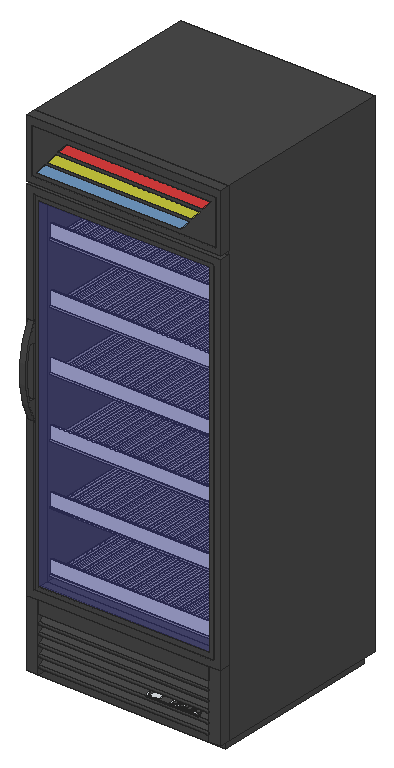
Revit family "QF_TRUE_GDM-26F-HST-HC~TSL01", category Specialty Equipment, Revit 2016
Family settings
  Part Type = Normal
  Round Connector Dimension = Use Diameter
  Work Plane-Based = No
  Always vertical = Yes
  Cut with Voids When Loaded = No
  Shared = No
  Room Calculation Point = No
Parameters
  Weight in Pounds = 390
  Watts = if(Phase = 3, Volts * FL Amps * 1.73, Volts * FL Amps)  # 1092.5 W
  Volts = 115 V
  URL Cutsheet = ""
  Specification by User = ""
  Specification by Manufacturer = ""
  Show Logo [instance] = yes
  Show Default Legs [instance] = if(or(Show 6 Inches Standard Legs, Show 2.5 Inches Castors), or(Show 4 Inches Castors, and(Show 6 Inches Standard Legs, Show 2.5 Inches Castors), and(Show 2.5 Inches Castors, Show 6 Inches Seismic Flanged Legs)), if(Show 4 Inches Castors, Show 6 Inches Seismic Flanged Legs, not(Show 6 Inches Seismic Flanged Legs)))  # yes
  Show Clearance [instance] = yes
  Show 6 Inches Standard Legs [instance] = no
  Show 6 Inches Seismic Flanged Legs [instance] = no
  Show 4 Inches Castors [instance] = no
  Show 2.5 Inches Castors [instance] = no
  Serial Number = ""
  Seismic Rating = ""
  SMACNA No = ""
  Revision Code = ""
  Phase = 1
  Number of Poles = 1
  NAFEM Spec ID Number = ""
  Model = "GDM-26F-HST-HC~TSL01"
  Min Ckt Ampacity = 0 A
  Max Overcurrent Protection = 0 A
  Materials and Finishes = QF_Plastic - Black - Smooth
  Masterspec = ""
  Manufacturer = "TRUE"
  Length = 30"
  Item Number = ""
  Installed By = ""
  Identify Quantity as Lot = yes
  Height [instance] = Body Height + Base Height  # 78 5/8"
  HP = "1"
  Furnished By = ""
  Foodservice Equipment Identifier = yes
  FL Amps = 9.5 A
  Electrical Remarks = ""
  Electric Connection Type = ""
  Elec Conn RI Height = 0"
  Elec Conn Connection Height = 0"
  Description = "SWING DOOR FREEZER WITH HEALTH SAFETY TIMER & HYDROCARBON REFRIGERANT~TRUE STANDARD LOOK VERSION 01"
  Depth = 29 7/8"
  Cycle = 60 Hz
  Conn Plug = "NEMA 5-15P"
  Conn Conduit = yes
  CSI MasterFormat = ""
  Body Height [instance] = 78 5/16"  # constant formula
  Base Height [instance] = if(Show Default Legs, 5/16", if(Show 2.5 Inches Castors, 2 1/2", if(Show 6 Inches Standard Legs, 6", if(Show 4 Inches Castors, 4", if(Show 6 Inches Seismic Flanged Legs, 6", 5" / 16)))))  # 5/16"
  Apparent Power = if(Phase = 3, Volts * FL Amps * 1.73, Volts * FL Amps)  # 1092.5 VA
  6 Inches Standard Legs [instance] = and(Show 6 Inches Standard Legs, not(Show Default Legs))  # no
  6 Inches Seismic Flanged Legs [instance] = and(Show 6 Inches Seismic Flanged Legs, not(Show Default Legs))  # no
  4 Inches Castors [instance] = and(Show 4 Inches Castors, not(Show Default Legs))  # no
  2.5 Inches Casters [instance] = and(Show 2.5 Inches Castors, not(Show Default Legs))  # no
Reference planes (in)
  plane 1 "BACK": y = 0
  plane 2: z = 0
  plane 3 "LEFT": x = 0
  plane 4 "RIGHT": x = 30
  plane 5 "FRONT": y = -29.875
  plane 6 "TOP": z = 0.3125
  plane 7 "Center Y": x = 15
  plane 8 "Center X": y = -14.9375
  plane 9: z = 78.625
Dimensions and locks (in)
  equal spacing: plane 3 "LEFT", plane 7 "Center Y", plane 4 "RIGHT"
  "Length": plane 3 "LEFT" to plane 4 "RIGHT"
  equal spacing: plane 5 "FRONT", plane 8 "Center X", plane 1 "BACK"
  "Depth": plane 5 "FRONT" to plane 1 "BACK"
  "Base Height": plane 6 "TOP" to level
  "Body Height": plane 9 to plane 6 "TOP"
  aligned and locked: plane 2 to level
  aligned and locked: plane 6 "TOP" to nested 1
Nested families (in)
  nested 1: "GDM-26F-HST-HC~TSL01" at (0, 0, 0), Show Clearance <- "Show Clearance", Show Logo <- "Show Logo", Show Default Legs <- "Show Default Legs", type "GDM-26F-HST-HC~TSL01"
    with Show Clearance yes
  nested 2: "CASTER-LEGS" at (2.32663, -26.34375, 0), Show Siesmic Flanged <- "Show 6 Inches Seismic Flanged Legs", Show 6 Inches Legs <- "Show 6 Inches Standard Legs", Show 4" Casters <- "Show 4 Inches Castors", Show 2.5 Casters <- "Show 2.5 Inches Castors", type "CASTER-LEGS"
    with Type Mark "", Status "", Specification by User "", Show Siesmic Flanged no, Show 6 Inches Legs no, Show 4" Casters no, Show 2.5 Casters no, Revision Code "", Low Profile yes, Item Number "", Installed By "", Identify Quantity as Lot yes, Furnished By "", Foodservice Equipment Identifier yes
  nested 3: "CASTER-LEGS" at (27.67337, -26.34375, 0), Show Siesmic Flanged <- "Show 6 Inches Seismic Flanged Legs", Show 6 Inches Legs <- "Show 6 Inches Standard Legs", Show 4" Casters <- "Show 4 Inches Castors", Show 2.5 Casters <- "Show 2.5 Inches Castors", type "CASTER-LEGS"
    with Type Mark "", Status "", Specification by User "", Show Siesmic Flanged no, Show 6 Inches Legs no, Show 4" Casters no, Show 2.5 Casters no, Revision Code "", Low Profile yes, Item Number "", Installed By "", Identify Quantity as Lot yes, Furnished By "", Foodservice Equipment Identifier yes
  nested 4: "CASTER-LEGS" at (2.32663, -3.28125, 0), Show Siesmic Flanged <- "Show 6 Inches Seismic Flanged Legs", Show 6 Inches Legs <- "Show 6 Inches Standard Legs", Show 4" Casters <- "Show 4 Inches Castors", Show 2.5 Casters <- "Show 2.5 Inches Castors", type "CASTER-LEGS"
    with Type Mark "", Status "", Specification by User "", Show Siesmic Flanged no, Show 6 Inches Legs no, Show 4" Casters no, Show 2.5 Casters no, Revision Code "", Low Profile yes, Item Number "", Installed By "", Identify Quantity as Lot yes, Furnished By "", Foodservice Equipment Identifier yes
  nested 5: "CASTER-LEGS" at (27.67337, -3.28125, 0), Show Siesmic Flanged <- "Show 6 Inches Seismic Flanged Legs", Show 6 Inches Legs <- "Show 6 Inches Standard Legs", Show 4" Casters <- "Show 4 Inches Castors", Show 2.5 Casters <- "Show 2.5 Inches Castors", type "CASTER-LEGS"
    with Type Mark "", Status "", Specification by User "", Show Siesmic Flanged no, Show 6 Inches Legs no, Show 4" Casters no, Show 2.5 Casters no, Revision Code "", Low Profile yes, Item Number "", Installed By "", Identify Quantity as Lot yes, Furnished By "", Foodservice Equipment Identifier yes
Connectors (in)
  electrical at (23.5625, 0.32603, 5.74771), driven by "Volts", driven by "Watts"
    settings: on nested 1, index 1, voltage 115 V, apparent load 1092.5 VA, apparent load phase1 0 VA, apparent load phase2 0 VA, apparent load phase3 0 VA, power factor 1, load classification "Other", number of poles 1, system type 30, power factor state 1, is connector primary yes, connector utility no, sub classification motor no, connector description "ELECTRICAL CONNECTION"
Definition of nested family "GDM-26F-HST-HC~TSL01"
  Parameters (values of type "GDM-26F-HST-HC~TSL01")
    Weight in Pounds = 0
    Watts = if(Phase = 3, Volts * FL Amps * 1.73, Volts * FL Amps)  # 230 W
    Volts = 115 V
    URL Cutsheet = ""
    Specification by User = ""
    Specification by Manufacturer = ""
    Show Logo [instance] = yes
    Show Default Legs [instance] = yes
    Show Clearance [instance] = yes
    Serial Number = ""
    Seismic Rating = ""
    SMACNA No = ""
    Revision Code = ""
    Phase = 1
    Number of Poles = 1
    NAFEM Spec ID Number = ""
    Model = ""
    Min Ckt Ampacity = 0 A
    Max Overcurrent Protection = 0 A
    Materials and Finishes = none
    Masterspec = ""
    Manufacturer = ""
    Length = 30"
    Item Number = ""
    Installed By = ""
    Identify Quantity as Lot = yes
    Height = 78 5/8"
    HP = "1/4"
    Furnished By = ""
    Foodservice Equipment Identifier = yes
    FL Amps = 2 A
    Electrical Remarks = ""
    Electric Connection Type = ""
    Elec Conn RI Height = 0"
    Elec Conn Connection Height = 0"
    Description = ""
    Depth = 29 7/8"
    Cycle = 60 Hz
    Conn Plug = "5-15P"
    Conn Conduit = yes
    CSI MasterFormat = ""
    Apparent Power = if(Phase = 3, Volts * FL Amps * 1.73, Volts * FL Amps)  # 230 VA
  Reference planes (in)
    plane 1 "BACK": y = 0
    plane 2: z = 0
    plane 3 "LEFT": x = 0
    plane 4 "RIGHT": x = 30
    plane 5 "FRONT": y = -29.875
    plane 6 "TOP": z = 78.625
    plane 7 "Center Y": x = 15
    plane 8 "Center X": y = -14.9375
    plane 9: z = 0.3125
    plane 10: y = -31.5
    plane 11: y = -57.75
    plane 12: z = 1.6875
  Forms (in)
    Extrusion 1, solid, material <- "Materials and Finishes"
      sketch origin (0, -28.25, 0) x (1, 0, 0) y (0, 0, 1)
        loop
          line (0, 78.625) -> (0, 69.5094) -> (30, 69.5094) -> (30, 78.625) -> (0, 78.625)
        loop
          line (0.73362, 77.46399) -> (0.73362, 70.46399) -> (29.26638, 70.46399) -> (29.26638, 77.46399) -> (0.73362, 77.46399)
      from 1.625 to 0
    Extrusion 2, solid
      sketch origin (0, -28.25, 0) x (1, 0, 0) y (0, 0, 1)
        loop
          line (4.86851, 75.12294) -> (27.302, 75.12294) -> (28.56065, 76.62294) -> (6.12716, 76.62294) -> (4.86851, 75.12294)
      from 1.625 to 0
    Extrusion 3, solid, material <- "Materials and Finishes"
      sketch origin (0, -28.25, 0) x (1, 0, 0) y (0, 0, 1)
        loop
          line (0.73362, 77.46399) -> (0.73362, 70.46399) -> (29.26638, 70.46399) -> (29.26638, 77.46399) -> (0.73362, 77.46399)
        loop
          line (4.86851, 75.12294) -> (27.302, 75.12294) -> (28.56065, 76.62294) -> (6.12716, 76.62294) -> (4.86851, 75.12294)
        loop
          line (3.19031, 73.12294) -> (25.6238, 73.12294) -> (26.88245, 74.62294) -> (4.44896, 74.62294) -> (3.19031, 73.12294)
        loop
          line (1.51211, 71.12294) -> (23.9456, 71.12294) -> (25.20425, 72.62294) -> (2.77076, 72.62294) -> (1.51211, 71.12294)
      from 1.625 to 0
    Extrusion 4, solid
      sketch origin (0, -28.25, 0) x (1, 0, 0) y (0, 0, 1)
        loop
          line (3.19031, 73.12294) -> (25.6238, 73.12294) -> (26.88245, 74.62294) -> (4.44896, 74.62294) -> (3.19031, 73.12294)
      from 1.625 to 0
    Extrusion 5, solid
      sketch origin (0, -28.25, 0) x (1, 0, 0) y (0, 0, 1)
        loop
          line (1.51211, 71.12294) -> (23.9456, 71.12294) -> (25.20425, 72.62294) -> (2.77076, 72.62294) -> (1.51211, 71.12294)
      from 1.625 to 0
    Extrusion 6, solid, material <- "Materials and Finishes"
      sketch origin (0, -28.25, 0) x (1, 0, 0) y (0, 0, 1)
        loop
          line (0, 11.86572) -> (0, 1.46319) -> (1.73646, 1.46319) -> (1.73646, 11.86572) -> (0, 11.86572)
        loop
          line (30, 11.86572) -> (28.26354, 11.86572) -> (28.26354, 1.46319) -> (30, 1.46319) -> (30, 11.86572)
      from 0 to 1.625
    Extrusion 7, solid, material <- "Materials and Finishes"
      sketch origin (0, -28.25, 0) x (1, 0, 0) y (0, 0, 1)
        loop
          line (1.73646, 11.86572) -> (1.73646, 9.96741) -> (28.26354, 9.96741) -> (28.26354, 11.86572) -> (1.73646, 11.86572)
      from 0 to 1.625
    Extrusion 8, solid, material <- "Materials and Finishes"
      sketch origin (0, -28.25, 0) x (1, 0, 0) y (0, 0, 1)
        loop
          line (0, 11.86572) -> (30, 11.86572) -> (30, 69.0094) -> (0, 69.0094) -> (0, 11.86572)
        loop
          line (28.91281, 12.99299) -> (28.91281, 68.01433) -> (1.08719, 68.01433) -> (1.08719, 12.99299) -> (28.91281, 12.99299)
      from 1.625 to 0
    Extrusion 9, solid, material <- "Materials and Finishes"
      sketch origin (0, -28.25, 0) x (1, 0, 0) y (0, 0, 1)
        loop
          line (28.91281, 12.99299) -> (28.91281, 68.01433) -> (1.08719, 68.01433) -> (1.08719, 12.99299) -> (28.91281, 12.99299)
        loop
          line (1.79031, 67.3112) -> (1.79031, 13.69484) -> (28.20969, 13.69484) -> (28.20969, 67.3112) -> (1.79031, 67.3112)
      from 1.50681 to 0
    Extrusion 10, solid
      sketch origin (0, -29.75681, 0) x (1, 0, 0) y (0, 0, 1)
        loop
          line (1.79031, 67.3112) -> (1.79031, 13.69484) -> (28.20969, 13.69484) -> (28.20969, 67.3112) -> (1.79031, 67.3112)
      from -0.25 to 0
    Extrusion 11, solid, material <- "Materials and Finishes"
      sketch origin (0, 0, 0) x (-1, 0, 0) y (0, 0, 1)
        loop
          line (-28.91281, 12.99299) -> (-1.08719, 12.99299) -> (-1.08719, 69.5094) -> (-28.91281, 69.5094) -> (-28.91281, 12.99299)
      from 0 to -0.25
    Extrusion 12, solid, material <- "Materials and Finishes"
      sketch origin (1.73646, -28.25, 11.86572) x (0, 0, -1) y (0, 1, 0)
        loop
          line (2.03924, 0) -> (3.06088, -1.51465)
          arc (3.06088, -1.51465) -> (3.40794, -1.58211) -> (3.4754, -1.23505) r 0.25
          line (3.4754, -1.23505) -> (2.64235, 0) -> (2.03924, 0)
        loop
          line (3.54027, 0) -> (4.55974, -1.51143)
          arc (4.55974, -1.51143) -> (4.9068, -1.57889) -> (4.97426, -1.23183) r 0.25
          line (4.97426, -1.23183) -> (4.14338, 0) -> (3.54027, 0)
        loop
          line (5.05723, 0) -> (6.07809, -1.51349)
          arc (6.07809, -1.51349) -> (6.42515, -1.58095) -> (6.49261, -1.23389) r 0.25
          line (6.49261, -1.23389) -> (5.66034, 0) -> (5.05723, 0)
        loop
          line (6.57419, 0) -> (7.59523, -1.51376)
          arc (7.59523, -1.51376) -> (7.94229, -1.58122) -> (8.00975, -1.23416) r 0.25
          line (8.00975, -1.23416) -> (7.1773, 0) -> (6.57419, 0)
        loop
          line (8.09115, 0) -> (9.11355, -1.51577)
          arc (9.11355, -1.51577) -> (9.46061, -1.58323) -> (9.52807, -1.23617) r 0.25
          line (9.52807, -1.23617) -> (8.69426, 0) -> (8.09115, 0)
      from 0 to 26.52708
    Extrusion 13, solid, material <- "Materials and Finishes"
      sketch origin (0, 1.625, 0) x (1, 0, 0) y (0, 0, 1)
        loop
          line (0.39673, 0.3125) -> (29.60327, 0.3125) -> (29.60327, 1.6875) -> (0.39673, 1.6875) -> (0.39673, 0.3125)
      from 3.25 to 29.875
    Revolve 14, solid, material <- "Materials and Finishes", visible <- "Show Default Legs"
      sketch origin (0, -26.375, 0) x (1, 0, 0) y (0, 0, 1)
        loop
          line (1.38444, 0) -> (2.32663, 0) -> (2.32663, 0.3125) -> (1.38444, 0.3125) -> (1.38444, 0)
        axis (2.32663, 0) -> (2.32663, 0.3125)
      angle from 0 to 360
    Revolve 15, solid, material <- "Materials and Finishes", visible <- "Show Default Legs"
      sketch origin (0, -3.3125, 0) x (1, 0, 0) y (0, 0, -1)
        loop
          line (1.38444, 0) -> (1.38444, -0.3125) -> (2.32663, -0.3125) -> (2.32663, 0) -> (1.38444, 0)
        axis (2.32663, 0) -> (2.32663, -0.3125)
      angle from 0 to 360
    Extrusion 16, solid, material <- "Materials and Finishes"
      sketch origin (0, 0, 0) x (-1, 0, 0) y (0, 0, 1)
        loop
          circle (-23.5625, 5.74771) r 0.5
      from 0 to 0.32603
    Revolve 17, solid, material <- "Materials and Finishes", visible <- "Show Default Legs"
      sketch origin (30.12762, -26.375, 0) x (-1, 0, 0) y (0, 0, 1)
        loop
          line (1.38444, 0) -> (2.32663, 0) -> (2.32663, 0.3125) -> (1.38444, 0.3125) -> (1.38444, 0)
        axis (2.32663, 0) -> (2.32663, 0.3125)
      angle from 0 to 360
    Revolve 18, solid, material <- "Materials and Finishes", visible <- "Show Default Legs"
      sketch origin (30.12762, -3.3125, 0) x (-1, 0, 0) y (0, 0, 1)
        loop
          line (1.38444, 0) -> (2.32663, 0) -> (2.32663, 0.3125) -> (1.38444, 0.3125) -> (1.38444, 0)
        axis (2.32663, 0) -> (2.32663, 0.3125)
      angle from 0 to 360
    Extrusion 19, solid, material <- "Materials and Finishes"
      sketch origin (-21.08055, -9.07209, 2.26089) x (0, 1, 0) y (0, 0, 1)
        loop
          arc (-20.70916, 48.37123) -> (-22.42791, 41.18624) -> (-20.70916, 34.00125) r 15.87728
          line (-20.70916, 34.00125) -> (-20.70916, 37.28351) -> (-21.42204, 37.28351)
          arc (-21.42204, 37.28351) -> (-21.59429, 37.34185) -> (-21.69564, 37.49287) r 0.28347
          arc (-21.69564, 37.49287) -> (-22.19319, 41.21217) -> (-21.70658, 44.93293) r 14.30744
          arc (-21.70658, 44.93293) -> (-21.63141, 45.04547) -> (-21.50325, 45.08898) r 0.21048
          line (-21.50325, 45.08898) -> (-20.70916, 45.08898) -> (-20.70916, 48.37123)
      from 21.28857 to 22.16773
    Extrusion 20, solid, material <- "Materials and Finishes"
      sketch origin (0, 1.625, 0) x (1, 0, 0) y (0, 0, 1)
        loop
          line (0, 78.625) -> (0, 1.46319) -> (30, 1.46319) -> (30, 78.625) -> (0, 78.625)
        loop
          line (1.08719, 69.5094) -> (1.08719, 12.99299) -> (28.91281, 12.99299) -> (28.91281, 69.5094) -> (1.08719, 69.5094)
      from 1.625 to 29.875
    Extrusion 21, solid, visible <- "Show Clearance", detail levels coarse
      sketch origin (0, 0, 0) x (1, 0, 0) y (0, 1, 0)
        loop
          line (30, -29.875) -> (0, -29.875)
          arc (0, -29.875) -> (9.19119, -50.06413) -> (30, -57.75) r 28.8313
          line (30, -57.75) -> (30, -29.875)
      from 69.0094 to 11.86572
    Extrusion 22, solid
      sketch origin (-7.62016, -176.1875, 13.75) x (-1, 0, 0) y (0, -1, 0)
        loop
          line (-8.70735, -149.1875) -> (-36.53297, -149.1875) -> (-36.53297, -174.77646) -> (-8.70735, -174.77646) -> (-8.70735, -149.1875)
        loop
          line (-8.95735, -149.4375) -> (-36.28297, -149.4375) -> (-36.28297, -174.49934) -> (-8.95735, -174.49934) -> (-8.95735, -149.4375)
      from 0 to 0.25
    Extrusion 23, solid
      sketch origin (-0.69406, -7.25, -9.1153) x (0, 1, 0) y (0, 0, 1)
        loop
          line (-19.60938, 23.1153) -> (-19.35938, 23.1153) -> (-19.35938, 25.1153) -> (-19.60938, 25.1153) -> (-19.60938, 23.1153)
      from 1.78125 to 29.60687
    Extrusion 24, solid
      sketch origin (-0.66281, -4.875, -12.73438) x (1, 0, 0) y (0, 0, 1)
        loop
          circle (10.1875, 26.73438) r 0.125
        loop
          circle (9.6875, 26.73438) r 0.125
        loop
          circle (9.1875, 26.73438) r 0.125
        loop
          circle (8.6875, 26.73438) r 0.125
        loop
          circle (8.1875, 26.73438) r 0.125
        loop
          circle (7.6875, 26.73438) r 0.125
        loop
          circle (7.1875, 26.73438) r 0.125
        loop
          circle (6.6875, 26.73438) r 0.125
        loop
          circle (6.1875, 26.73438) r 0.125
        loop
          circle (5.6875, 26.73438) r 0.125
        loop
          circle (5.1875, 26.73438) r 0.125
        loop
          circle (4.6875, 26.73438) r 0.125
        loop
          circle (4.1875, 26.73438) r 0.125
        loop
          circle (3.6875, 26.73438) r 0.125
        loop
          circle (3.1875, 26.73438) r 0.125
        loop
          circle (2.6875, 26.73438) r 0.125
        loop
          circle (10.6875, 26.73438) r 0.125
        loop
          circle (11.1875, 26.73438) r 0.125
        loop
          circle (11.6875, 26.73438) r 0.125
        loop
          circle (12.1875, 26.73438) r 0.125
        loop
          circle (12.6875, 26.73438) r 0.125
        loop
          circle (13.1875, 26.73438) r 0.125
        loop
          circle (13.6875, 26.73438) r 0.125
        loop
          circle (14.1875, 26.73438) r 0.125
        loop
          circle (14.6875, 26.73438) r 0.125
        loop
          circle (15.1875, 26.73438) r 0.125
        loop
          circle (15.6875, 26.73438) r 0.125
        loop
          circle (16.1875, 26.73438) r 0.125
        loop
          circle (16.6875, 26.73438) r 0.125
        loop
          circle (17.1875, 26.73438) r 0.125
        loop
          circle (17.6875, 26.73438) r 0.125
        loop
          circle (18.1875, 26.73438) r 0.125
        loop
          circle (26.1875, 26.73438) r 0.125
        loop
          circle (25.6875, 26.73438) r 0.125
        loop
          circle (25.1875, 26.73438) r 0.125
        loop
          circle (24.6875, 26.73438) r 0.125
        loop
          circle (24.1875, 26.73438) r 0.125
        loop
          circle (23.6875, 26.73438) r 0.125
        loop
          circle (23.1875, 26.73438) r 0.125
        loop
          circle (22.6875, 26.73438) r 0.125
        loop
          circle (22.1875, 26.73438) r 0.125
        loop
          circle (21.6875, 26.73438) r 0.125
        loop
          circle (21.1875, 26.73438) r 0.125
        loop
          circle (20.6875, 26.73438) r 0.125
        loop
          circle (20.1875, 26.73438) r 0.125
        loop
          circle (19.6875, 26.73438) r 0.125
        loop
          circle (19.1875, 26.73438) r 0.125
        loop
          circle (18.6875, 26.73438) r 0.125
        loop
          circle (26.6875, 26.73438) r 0.125
        loop
          circle (27.1875, 26.73438) r 0.125
        loop
          circle (27.6875, 26.73438) r 0.125
        loop
          circle (28.1875, 26.73438) r 0.125
        loop
          circle (28.6875, 26.73438) r 0.125
      from -3.18684 to 21.875
    Extrusion 25, solid
      sketch origin (-7.62016, -176.1875, 23.08607) x (-1, 0, 0) y (0, -1, 0)
        loop
          line (-8.70735, -149.1875) -> (-36.53297, -149.1875) -> (-36.53297, -174.77646) -> (-8.70735, -174.77646) -> (-8.70735, -149.1875)
        loop
          line (-8.95735, -149.4375) -> (-36.28297, -149.4375) -> (-36.28297, -174.49934) -> (-8.95735, -174.49934) -> (-8.95735, -149.4375)
      from 0 to 0.25
    Extrusion 26, solid
      sketch origin (-0.69406, -7.25, 0.22077) x (0, 1, 0) y (0, 0, 1)
        loop
          line (-19.60938, 23.1153) -> (-19.35938, 23.1153) -> (-19.35938, 25.1153) -> (-19.60938, 25.1153) -> (-19.60938, 23.1153)
      from 1.78125 to 29.60687
    Extrusion 27, solid
      sketch origin (-0.66281, -4.875, -3.39831) x (1, 0, 0) y (0, 0, 1)
        loop
          circle (10.1875, 26.73438) r 0.125
        loop
          circle (9.6875, 26.73438) r 0.125
        loop
          circle (9.1875, 26.73438) r 0.125
        loop
          circle (8.6875, 26.73438) r 0.125
        loop
          circle (8.1875, 26.73438) r 0.125
        loop
          circle (7.6875, 26.73438) r 0.125
        loop
          circle (7.1875, 26.73438) r 0.125
        loop
          circle (6.6875, 26.73438) r 0.125
        loop
          circle (6.1875, 26.73438) r 0.125
        loop
          circle (5.6875, 26.73438) r 0.125
        loop
          circle (5.1875, 26.73438) r 0.125
        loop
          circle (4.6875, 26.73438) r 0.125
        loop
          circle (4.1875, 26.73438) r 0.125
        loop
          circle (3.6875, 26.73438) r 0.125
        loop
          circle (3.1875, 26.73438) r 0.125
        loop
          circle (2.6875, 26.73438) r 0.125
        loop
          circle (10.6875, 26.73438) r 0.125
        loop
          circle (11.1875, 26.73438) r 0.125
        loop
          circle (11.6875, 26.73438) r 0.125
        loop
          circle (12.1875, 26.73438) r 0.125
        loop
          circle (12.6875, 26.73438) r 0.125
        loop
          circle (13.1875, 26.73438) r 0.125
        loop
          circle (13.6875, 26.73438) r 0.125
        loop
          circle (14.1875, 26.73438) r 0.125
        loop
          circle (14.6875, 26.73438) r 0.125
        loop
          circle (15.1875, 26.73438) r 0.125
        loop
          circle (15.6875, 26.73438) r 0.125
        loop
          circle (16.1875, 26.73438) r 0.125
        loop
          circle (16.6875, 26.73438) r 0.125
        loop
          circle (17.1875, 26.73438) r 0.125
        loop
          circle (17.6875, 26.73438) r 0.125
        loop
          circle (18.1875, 26.73438) r 0.125
        loop
          circle (26.1875, 26.73438) r 0.125
        loop
          circle (25.6875, 26.73438) r 0.125
        loop
          circle (25.1875, 26.73438) r 0.125
        loop
          circle (24.6875, 26.73438) r 0.125
        loop
          circle (24.1875, 26.73438) r 0.125
        loop
          circle (23.6875, 26.73438) r 0.125
        loop
          circle (23.1875, 26.73438) r 0.125
        loop
          circle (22.6875, 26.73438) r 0.125
        loop
          circle (22.1875, 26.73438) r 0.125
        loop
          circle (21.6875, 26.73438) r 0.125
        loop
          circle (21.1875, 26.73438) r 0.125
        loop
          circle (20.6875, 26.73438) r 0.125
        loop
          circle (20.1875, 26.73438) r 0.125
        loop
          circle (19.6875, 26.73438) r 0.125
        loop
          circle (19.1875, 26.73438) r 0.125
        loop
          circle (18.6875, 26.73438) r 0.125
        loop
          circle (26.6875, 26.73438) r 0.125
        loop
          circle (27.1875, 26.73438) r 0.125
        loop
          circle (27.6875, 26.73438) r 0.125
        loop
          circle (28.1875, 26.73438) r 0.125
        loop
          circle (28.6875, 26.73438) r 0.125
      from -3.18684 to 21.875
    Extrusion 28, solid
      sketch origin (-7.62016, -176.1875, 32.42214) x (-1, 0, 0) y (0, -1, 0)
        loop
          line (-8.70735, -149.1875) -> (-36.53297, -149.1875) -> (-36.53297, -174.77646) -> (-8.70735, -174.77646) -> (-8.70735, -149.1875)
        loop
          line (-8.95735, -149.4375) -> (-36.28297, -149.4375) -> (-36.28297, -174.49934) -> (-8.95735, -174.49934) -> (-8.95735, -149.4375)
      from 0 to 0.25
    Extrusion 29, solid
      sketch origin (-0.69406, -7.25, 9.55684) x (0, 1, 0) y (0, 0, 1)
        loop
          line (-19.60938, 23.1153) -> (-19.35938, 23.1153) -> (-19.35938, 25.1153) -> (-19.60938, 25.1153) -> (-19.60938, 23.1153)
      from 1.78125 to 29.60687
    Extrusion 30, solid
      sketch origin (-0.66281, -4.875, 5.93776) x (1, 0, 0) y (0, 0, 1)
        loop
          circle (10.1875, 26.73438) r 0.125
        loop
          circle (9.6875, 26.73438) r 0.125
        loop
          circle (9.1875, 26.73438) r 0.125
        loop
          circle (8.6875, 26.73438) r 0.125
        loop
          circle (8.1875, 26.73438) r 0.125
        loop
          circle (7.6875, 26.73438) r 0.125
        loop
          circle (7.1875, 26.73438) r 0.125
        loop
          circle (6.6875, 26.73438) r 0.125
        loop
          circle (6.1875, 26.73438) r 0.125
        loop
          circle (5.6875, 26.73438) r 0.125
        loop
          circle (5.1875, 26.73438) r 0.125
        loop
          circle (4.6875, 26.73438) r 0.125
        loop
          circle (4.1875, 26.73438) r 0.125
        loop
          circle (3.6875, 26.73438) r 0.125
        loop
          circle (3.1875, 26.73438) r 0.125
        loop
          circle (2.6875, 26.73438) r 0.125
        loop
          circle (10.6875, 26.73438) r 0.125
        loop
          circle (11.1875, 26.73438) r 0.125
        loop
          circle (11.6875, 26.73438) r 0.125
        loop
          circle (12.1875, 26.73438) r 0.125
        loop
          circle (12.6875, 26.73438) r 0.125
        loop
          circle (13.1875, 26.73438) r 0.125
        loop
          circle (13.6875, 26.73438) r 0.125
        loop
          circle (14.1875, 26.73438) r 0.125
        loop
          circle (14.6875, 26.73438) r 0.125
        loop
          circle (15.1875, 26.73438) r 0.125
        loop
          circle (15.6875, 26.73438) r 0.125
        loop
          circle (16.1875, 26.73438) r 0.125
        loop
          circle (16.6875, 26.73438) r 0.125
        loop
          circle (17.1875, 26.73438) r 0.125
        loop
          circle (17.6875, 26.73438) r 0.125
        loop
          circle (18.1875, 26.73438) r 0.125
        loop
          circle (26.1875, 26.73438) r 0.125
        loop
          circle (25.6875, 26.73438) r 0.125
        loop
          circle (25.1875, 26.73438) r 0.125
        loop
          circle (24.6875, 26.73438) r 0.125
        loop
          circle (24.1875, 26.73438) r 0.125
        loop
          circle (23.6875, 26.73438) r 0.125
        loop
          circle (23.1875, 26.73438) r 0.125
        loop
          circle (22.6875, 26.73438) r 0.125
        loop
          circle (22.1875, 26.73438) r 0.125
        loop
          circle (21.6875, 26.73438) r 0.125
        loop
          circle (21.1875, 26.73438) r 0.125
        loop
          circle (20.6875, 26.73438) r 0.125
        loop
          circle (20.1875, 26.73438) r 0.125
        loop
          circle (19.6875, 26.73438) r 0.125
        loop
          circle (19.1875, 26.73438) r 0.125
        loop
          circle (18.6875, 26.73438) r 0.125
        loop
          circle (26.6875, 26.73438) r 0.125
        loop
          circle (27.1875, 26.73438) r 0.125
        loop
          circle (27.6875, 26.73438) r 0.125
        loop
          circle (28.1875, 26.73438) r 0.125
        loop
          circle (28.6875, 26.73438) r 0.125
      from -3.18684 to 21.875
    Extrusion 31, solid
      sketch origin (-7.62016, -176.1875, 41.7582) x (-1, 0, 0) y (0, -1, 0)
        loop
          line (-8.70735, -149.1875) -> (-36.53297, -149.1875) -> (-36.53297, -174.77646) -> (-8.70735, -174.77646) -> (-8.70735, -149.1875)
        loop
          line (-8.95735, -149.4375) -> (-36.28297, -149.4375) -> (-36.28297, -174.49934) -> (-8.95735, -174.49934) -> (-8.95735, -149.4375)
      from 0 to 0.25
    Extrusion 32, solid
      sketch origin (-0.69406, -7.25, 18.89291) x (0, 1, 0) y (0, 0, 1)
        loop
          line (-19.60938, 23.1153) -> (-19.35938, 23.1153) -> (-19.35938, 25.1153) -> (-19.60938, 25.1153) -> (-19.60938, 23.1153)
      from 1.78125 to 29.60687
    Extrusion 33, solid
      sketch origin (-0.66281, -4.875, 15.27383) x (1, 0, 0) y (0, 0, 1)
        loop
          circle (10.1875, 26.73438) r 0.125
        loop
          circle (9.6875, 26.73438) r 0.125
        loop
          circle (9.1875, 26.73438) r 0.125
        loop
          circle (8.6875, 26.73438) r 0.125
        loop
          circle (8.1875, 26.73438) r 0.125
        loop
          circle (7.6875, 26.73438) r 0.125
        loop
          circle (7.1875, 26.73438) r 0.125
        loop
          circle (6.6875, 26.73438) r 0.125
        loop
          circle (6.1875, 26.73438) r 0.125
        loop
          circle (5.6875, 26.73438) r 0.125
        loop
          circle (5.1875, 26.73438) r 0.125
        loop
          circle (4.6875, 26.73438) r 0.125
        loop
          circle (4.1875, 26.73438) r 0.125
        loop
          circle (3.6875, 26.73438) r 0.125
        loop
          circle (3.1875, 26.73438) r 0.125
        loop
          circle (2.6875, 26.73438) r 0.125
        loop
          circle (10.6875, 26.73438) r 0.125
        loop
          circle (11.1875, 26.73438) r 0.125
        loop
          circle (11.6875, 26.73438) r 0.125
        loop
          circle (12.1875, 26.73438) r 0.125
        loop
          circle (12.6875, 26.73438) r 0.125
        loop
          circle (13.1875, 26.73438) r 0.125
        loop
          circle (13.6875, 26.73438) r 0.125
        loop
          circle (14.1875, 26.73438) r 0.125
        loop
          circle (14.6875, 26.73438) r 0.125
        loop
          circle (15.1875, 26.73438) r 0.125
        loop
          circle (15.6875, 26.73438) r 0.125
        loop
          circle (16.1875, 26.73438) r 0.125
        loop
          circle (16.6875, 26.73438) r 0.125
        loop
          circle (17.1875, 26.73438) r 0.125
        loop
          circle (17.6875, 26.73438) r 0.125
        loop
          circle (18.1875, 26.73438) r 0.125
        loop
          circle (26.1875, 26.73438) r 0.125
        loop
          circle (25.6875, 26.73438) r 0.125
        loop
          circle (25.1875, 26.73438) r 0.125
        loop
          circle (24.6875, 26.73438) r 0.125
        loop
          circle (24.1875, 26.73438) r 0.125
        loop
          circle (23.6875, 26.73438) r 0.125
        loop
          circle (23.1875, 26.73438) r 0.125
        loop
          circle (22.6875, 26.73438) r 0.125
        loop
          circle (22.1875, 26.73438) r 0.125
        loop
          circle (21.6875, 26.73438) r 0.125
        loop
          circle (21.1875, 26.73438) r 0.125
        loop
          circle (20.6875, 26.73438) r 0.125
        loop
          circle (20.1875, 26.73438) r 0.125
        loop
          circle (19.6875, 26.73438) r 0.125
        loop
          circle (19.1875, 26.73438) r 0.125
        loop
          circle (18.6875, 26.73438) r 0.125
        loop
          circle (26.6875, 26.73438) r 0.125
        loop
          circle (27.1875, 26.73438) r 0.125
        loop
          circle (27.6875, 26.73438) r 0.125
        loop
          circle (28.1875, 26.73438) r 0.125
        loop
          circle (28.6875, 26.73438) r 0.125
      from -3.18684 to 21.875
    Extrusion 34, solid
      sketch origin (-7.62016, -176.1875, 51.09427) x (-1, 0, 0) y (0, -1, 0)
        loop
          line (-8.70735, -149.1875) -> (-36.53297, -149.1875) -> (-36.53297, -174.77646) -> (-8.70735, -174.77646) -> (-8.70735, -149.1875)
        loop
          line (-8.95735, -149.4375) -> (-36.28297, -149.4375) -> (-36.28297, -174.49934) -> (-8.95735, -174.49934) -> (-8.95735, -149.4375)
      from 0 to 0.25
    Extrusion 35, solid
      sketch origin (-0.69406, -7.25, 28.22898) x (0, 1, 0) y (0, 0, 1)
        loop
          line (-19.60938, 23.1153) -> (-19.35938, 23.1153) -> (-19.35938, 25.1153) -> (-19.60938, 25.1153) -> (-19.60938, 23.1153)
      from 1.78125 to 29.60687
    Extrusion 36, solid
      sketch origin (-0.66281, -4.875, 24.60989) x (1, 0, 0) y (0, 0, 1)
        loop
          circle (10.1875, 26.73438) r 0.125
        loop
          circle (9.6875, 26.73438) r 0.125
        loop
          circle (9.1875, 26.73438) r 0.125
        loop
          circle (8.6875, 26.73438) r 0.125
        loop
          circle (8.1875, 26.73438) r 0.125
        loop
          circle (7.6875, 26.73438) r 0.125
        loop
          circle (7.1875, 26.73438) r 0.125
        loop
          circle (6.6875, 26.73438) r 0.125
        loop
          circle (6.1875, 26.73438) r 0.125
        loop
          circle (5.6875, 26.73438) r 0.125
        loop
          circle (5.1875, 26.73438) r 0.125
        loop
          circle (4.6875, 26.73438) r 0.125
        loop
          circle (4.1875, 26.73438) r 0.125
        loop
          circle (3.6875, 26.73438) r 0.125
        loop
          circle (3.1875, 26.73438) r 0.125
        loop
          circle (2.6875, 26.73438) r 0.125
        loop
          circle (10.6875, 26.73438) r 0.125
        loop
          circle (11.1875, 26.73438) r 0.125
        loop
          circle (11.6875, 26.73438) r 0.125
        loop
          circle (12.1875, 26.73438) r 0.125
        loop
          circle (12.6875, 26.73438) r 0.125
        loop
          circle (13.1875, 26.73438) r 0.125
        loop
          circle (13.6875, 26.73438) r 0.125
        loop
          circle (14.1875, 26.73438) r 0.125
        loop
          circle (14.6875, 26.73438) r 0.125
        loop
          circle (15.1875, 26.73438) r 0.125
        loop
          circle (15.6875, 26.73438) r 0.125
        loop
          circle (16.1875, 26.73438) r 0.125
        loop
          circle (16.6875, 26.73438) r 0.125
        loop
          circle (17.1875, 26.73438) r 0.125
        loop
          circle (17.6875, 26.73438) r 0.125
        loop
          circle (18.1875, 26.73438) r 0.125
        loop
          circle (26.1875, 26.73438) r 0.125
        loop
          circle (25.6875, 26.73438) r 0.125
        loop
          circle (25.1875, 26.73438) r 0.125
        loop
          circle (24.6875, 26.73438) r 0.125
        loop
          circle (24.1875, 26.73438) r 0.125
        loop
          circle (23.6875, 26.73438) r 0.125
        loop
          circle (23.1875, 26.73438) r 0.125
        loop
          circle (22.6875, 26.73438) r 0.125
        loop
          circle (22.1875, 26.73438) r 0.125
        loop
          circle (21.6875, 26.73438) r 0.125
        loop
          circle (21.1875, 26.73438) r 0.125
        loop
          circle (20.6875, 26.73438) r 0.125
        loop
          circle (20.1875, 26.73438) r 0.125
        loop
          circle (19.6875, 26.73438) r 0.125
        loop
          circle (19.1875, 26.73438) r 0.125
        loop
          circle (18.6875, 26.73438) r 0.125
        loop
          circle (26.6875, 26.73438) r 0.125
        loop
          circle (27.1875, 26.73438) r 0.125
        loop
          circle (27.6875, 26.73438) r 0.125
        loop
          circle (28.1875, 26.73438) r 0.125
        loop
          circle (28.6875, 26.73438) r 0.125
      from -3.18684 to 21.875
    Extrusion 37, solid
      sketch origin (-7.62016, -176.1875, 60.43034) x (-1, 0, 0) y (0, -1, 0)
        loop
          line (-8.70735, -149.1875) -> (-36.53297, -149.1875) -> (-36.53297, -174.77646) -> (-8.70735, -174.77646) -> (-8.70735, -149.1875)
        loop
          line (-8.95735, -149.4375) -> (-36.28297, -149.4375) -> (-36.28297, -174.49934) -> (-8.95735, -174.49934) -> (-8.95735, -149.4375)
      from 0 to 0.25
    Extrusion 38, solid
      sketch origin (-0.69406, -7.25, 37.56504) x (0, 1, 0) y (0, 0, 1)
        loop
          line (-19.60938, 23.1153) -> (-19.35938, 23.1153) -> (-19.35938, 25.1153) -> (-19.60938, 25.1153) -> (-19.60938, 23.1153)
      from 1.78125 to 29.60687
    Extrusion 39, solid
      sketch origin (-0.66281, -4.875, 33.94596) x (1, 0, 0) y (0, 0, 1)
        loop
          circle (10.1875, 26.73438) r 0.125
        loop
          circle (9.6875, 26.73438) r 0.125
        loop
          circle (9.1875, 26.73438) r 0.125
        loop
          circle (8.6875, 26.73438) r 0.125
        loop
          circle (8.1875, 26.73438) r 0.125
        loop
          circle (7.6875, 26.73438) r 0.125
        loop
          circle (7.1875, 26.73438) r 0.125
        loop
          circle (6.6875, 26.73438) r 0.125
        loop
          circle (6.1875, 26.73438) r 0.125
        loop
          circle (5.6875, 26.73438) r 0.125
        loop
          circle (5.1875, 26.73438) r 0.125
        loop
          circle (4.6875, 26.73438) r 0.125
        loop
          circle (4.1875, 26.73438) r 0.125
        loop
          circle (3.6875, 26.73438) r 0.125
        loop
          circle (3.1875, 26.73438) r 0.125
        loop
          circle (2.6875, 26.73438) r 0.125
        loop
          circle (10.6875, 26.73438) r 0.125
        loop
          circle (11.1875, 26.73438) r 0.125
        loop
          circle (11.6875, 26.73438) r 0.125
        loop
          circle (12.1875, 26.73438) r 0.125
        loop
          circle (12.6875, 26.73438) r 0.125
        loop
          circle (13.1875, 26.73438) r 0.125
        loop
          circle (13.6875, 26.73438) r 0.125
        loop
          circle (14.1875, 26.73438) r 0.125
        loop
          circle (14.6875, 26.73438) r 0.125
        loop
          circle (15.1875, 26.73438) r 0.125
        loop
          circle (15.6875, 26.73438) r 0.125
        loop
          circle (16.1875, 26.73438) r 0.125
        loop
          circle (16.6875, 26.73438) r 0.125
        loop
          circle (17.1875, 26.73438) r 0.125
        loop
          circle (17.6875, 26.73438) r 0.125
        loop
          circle (18.1875, 26.73438) r 0.125
        loop
          circle (26.1875, 26.73438) r 0.125
        loop
          circle (25.6875, 26.73438) r 0.125
        loop
          circle (25.1875, 26.73438) r 0.125
        loop
          circle (24.6875, 26.73438) r 0.125
        loop
          circle (24.1875, 26.73438) r 0.125
        loop
          circle (23.6875, 26.73438) r 0.125
        loop
          circle (23.1875, 26.73438) r 0.125
        loop
          circle (22.6875, 26.73438) r 0.125
        loop
          circle (22.1875, 26.73438) r 0.125
        loop
          circle (21.6875, 26.73438) r 0.125
        loop
          circle (21.1875, 26.73438) r 0.125
        loop
          circle (20.6875, 26.73438) r 0.125
        loop
          circle (20.1875, 26.73438) r 0.125
        loop
          circle (19.6875, 26.73438) r 0.125
        loop
          circle (19.1875, 26.73438) r 0.125
        loop
          circle (18.6875, 26.73438) r 0.125
        loop
          circle (26.6875, 26.73438) r 0.125
        loop
          circle (27.1875, 26.73438) r 0.125
        loop
          circle (27.6875, 26.73438) r 0.125
        loop
          circle (28.1875, 26.73438) r 0.125
        loop
          circle (28.6875, 26.73438) r 0.125
      from -3.18684 to 21.875
  Lines and regions (in)
    symbolic lines
      curve 1: arc (0, -29.875, 0) -> (1.29176, -37.52482, 0) -> (4.57651, -44.55326, 0) r 28.8313
      curve 2: line (4.57651, -44.55326, 0) -> (30, -29.875, 0)
      curve 3: line (0.20802, -31.5, 0) -> (1.08719, -31.5, 0)
      curve 4: line (1.08719, -31.5, 0) -> (1.08719, -29.875, 0)
      curve 5: line (0.20802, -31.5, 0) -> (0.20802, -29.875, 0)
      curve 6: line (0, -29.875, 0) -> (30, -29.875, 0)
      curve 7: line (30, 0, 0) -> (0, 0, 0)
      curve 8: line (0, 0, 0) -> (0, -29.875, 0)
      curve 9: line (30, -29.875, 0) -> (30, 0, 0)
      curve 10: line (0, -28.25, 0) -> (30, -28.25, 0)
  Dimensions and locks (in)
    equal spacing: plane 3 "LEFT", plane 7 "Center Y", plane 4 "RIGHT"
    "Length": plane 3 "LEFT" to plane 4 "RIGHT"
    equal spacing: plane 5 "FRONT", plane 8 "Center X", plane 1 "BACK"
    "Depth": plane 5 "FRONT" to plane 1 "BACK"
    "Height": plane 6 "TOP" to level
    plane 5 "FRONT" to plane 1 "BACK" = 29 7/8"
    plane 4 "RIGHT" to plane 3 "LEFT" = 30"
    plane 9 to plane 2 = 5/16"
    plane 10 to plane 1 "BACK" = 31 1/2"
    plane 11 to plane 1 "BACK" = 57 3/4"
    plane 1 "BACK" to plane 10 = 31 1/2"
    plane 6 "TOP" to plane 12 = 76 15/16"
    aligned and locked: plane 2 to level
  Automatic sketch dimensions
    Extrusion 2 sketch curve to Extrusion 2 sketch curve = 1.25865"
    Extrusion 2 sketch curve to Extrusion 2 sketch curve = 1 1/2"
    Extrusion 3 sketch curve to Extrusion 3 sketch curve = 0.41955"  (x4)
    Extrusion 3 sketch curve to Extrusion 3 sketch curve = 1.25865"  (x5)
    Extrusion 3 sketch curve to Extrusion 3 sketch curve = 1 1/2"  (x3)
    Extrusion 3 sketch curve to Extrusion 3 sketch curve = 1/2"  (x2)
    Extrusion 4 sketch curve to Extrusion 4 sketch curve = 1.25865"  (x2)
    Extrusion 4 sketch curve to Extrusion 4 sketch curve = 1 1/2"
    Extrusion 5 sketch curve to Extrusion 5 sketch curve = 1.25865"  (x2)
    Extrusion 5 sketch curve to Extrusion 5 sketch curve = 1 1/2"
    Extrusion 8 sketch curve to plane 3 "LEFT" = 0"
    plane 4 "RIGHT" to Extrusion 8 sketch curve = 0"
    plane 3 "LEFT" to Extrusion 8 sketch curve = 1.08719"
    plane 4 "RIGHT" to Extrusion 8 sketch curve = 1.08719"
    plane 9 to Extrusion 8 sketch curve = 11.55322"
    Extrusion 8 sketch curve to Extrusion 8 sketch curve = 1.12728"
    Extrusion 8 sketch curve to plane 6 "TOP" = 10.61067"
    Extrusion 8 sketch curve to Extrusion 8 sketch curve = 0.99507"
    Extrusion 10 sketch curve to Extrusion 9 = 0"  (x3)
    Extrusion 13 sketch curve to plane 9 = 0"
    plane 3 "LEFT" to Extrusion 13 sketch curve = 0.39673"
    plane 4 "RIGHT" to Extrusion 13 sketch curve = 0.39673"
    plane 9 to Extrusion 13 sketch curve = 1 3/8"
    Revolve 14 sketch curve to plane 9 = 0"  (x2)
    Revolve 14 sketch curve to level = 0"
    plane 3 "LEFT" to Revolve 14 sketch curve = 1.38444"
    Revolve 14 sketch curve to Revolve 14 sketch curve = 0.94219"
    Revolve 14 sketch curve to Revolve 14 sketch curve = 0"
    plane 9 to Revolve 14 sketch curve = 1/2"
    Revolve 15 sketch curve to plane 9 = 0"  (x2)
    Revolve 15 sketch curve to level = 0"
    plane 3 "LEFT" to Revolve 15 sketch curve = 1.38444"
    Revolve 15 sketch curve to Revolve 15 sketch curve = 0.94219"
    Revolve 15 sketch curve to Revolve 15 sketch curve = 0"
    plane 9 to Revolve 15 sketch curve = 1/2"
    Revolve 17 sketch curve to plane 9 = 0"  (x2)
    Revolve 17 sketch curve to level = 0"
    Revolve 17 sketch curve to plane 4 "RIGHT" = 1.25683"
    Revolve 17 sketch curve to Revolve 17 sketch curve = 0.94219"
    Revolve 17 sketch curve to Revolve 17 sketch curve = 0"
    Revolve 17 sketch curve to plane 9 = 1/2"
    Revolve 18 sketch curve to plane 9 = 0"  (x2)
    Revolve 18 sketch curve to level = 0"
    plane 4 "RIGHT" to Revolve 18 sketch curve = 1.25683"
    Revolve 18 sketch curve to Revolve 18 sketch curve = 0.94219"
    Revolve 18 sketch curve to Revolve 18 sketch curve = 0"
    plane 9 to Revolve 18 sketch curve = 1/2"
    plane 5 "FRONT" to Extrusion 19 sketch curve = 0.70035"
    plane 5 "FRONT" to Extrusion 19 sketch curve = 0.61913"
    Extrusion 19 sketch curve to plane 5 "FRONT" = 3/32"  (x2)
    Extrusion 19 sketch curve to plane 8 "Center X" = 2.02036"
    Extrusion 19 sketch curve to plane 8 "Center X" = 0.68522"
    plane 9 to Extrusion 19 sketch curve = 35.94964"
    Extrusion 19 sketch curve to Extrusion 19 sketch curve = 3.28225"
    Extrusion 19 sketch curve to Extrusion 19 sketch curve = 0.28347"
    Extrusion 19 sketch curve to Extrusion 19 sketch curve = 3.90274"
    Extrusion 19 sketch curve to Extrusion 19 sketch curve = 0.04696"
    Extrusion 19 sketch curve to Extrusion 19 sketch curve = 3.49273"
    Extrusion 19 sketch curve to Extrusion 19 sketch curve = 0.21048"
    Extrusion 19 sketch curve to Extrusion 19 sketch curve = 0"
    plane 4 "RIGHT" to Extrusion 9 sketch curve = 1.08719"
    plane 3 "LEFT" to Extrusion 9 sketch curve = 1.79031"
    Extrusion 9 sketch curve to Extrusion 9 sketch curve = 45/64"  (x3)
    plane 9 to Extrusion 9 sketch curve = 12.68049"
    Extrusion 9 sketch curve to Extrusion 9 sketch curve = 0.70185"
    Extrusion 9 sketch curve to plane 6 "TOP" = 11.3138"
    Extrusion 9 to Extrusion 10 sketch curve = 0"
    Extrusion 1 sketch curve to plane 3 "LEFT" = 0"
    plane 4 "RIGHT" to Extrusion 1 sketch curve = 0"
    Extrusion 1 sketch curve to plane 6 "TOP" = 0"
    plane 3 "LEFT" to Extrusion 1 sketch curve = 0.73362"
    plane 4 "RIGHT" to Extrusion 1 sketch curve = 0.73362"
    Extrusion 1 sketch curve to plane 6 "TOP" = 1.16101"
    Extrusion 1 sketch curve to Extrusion 1 sketch curve = 7"
    Extrusion 1 sketch curve to Extrusion 1 sketch curve = 0.95459"
    plane 3 "LEFT" to Extrusion 2 sketch curve = 4.86851"
    plane 4 "RIGHT" to Extrusion 2 sketch curve = 2.698"
    plane 4 "RIGHT" to Extrusion 2 sketch curve = 1.43935"
    Extrusion 2 sketch curve to plane 6 "TOP" = 3.50206"
    plane 3 "LEFT" to Extrusion 3 sketch curve = 0.73362"
    Extrusion 3 sketch curve to Extrusion 3 sketch curve = 0.77849"
    plane 4 "RIGHT" to Extrusion 3 sketch curve = 6.0544"
    plane 4 "RIGHT" to Extrusion 3 sketch curve = 1.43935"
    plane 4 "RIGHT" to Extrusion 3 sketch curve = 0.73362"
    Extrusion 3 sketch curve to plane 6 "TOP" = 8.16101"
    Extrusion 3 sketch curve to Extrusion 3 sketch curve = 0.65895"
    Extrusion 3 sketch curve to plane 6 "TOP" = 1.16101"
    plane 3 "LEFT" to Extrusion 4 sketch curve = 3.19031"
    plane 4 "RIGHT" to Extrusion 4 sketch curve = 4.3762"
    Extrusion 4 sketch curve to plane 6 "TOP" = 5.50206"
    plane 3 "LEFT" to Extrusion 5 sketch curve = 1.51211"
    plane 4 "RIGHT" to Extrusion 5 sketch curve = 6.0544"
    Extrusion 5 sketch curve to plane 6 "TOP" = 7.50206"
    Extrusion 6 sketch curve to plane 3 "LEFT" = 0"
    plane 4 "RIGHT" to Extrusion 6 sketch curve = 0"
    Extrusion 6 sketch curve to plane 12 = 0.22431"  (x2)
    plane 3 "LEFT" to Extrusion 6 sketch curve = 1.73646"
    Extrusion 6 sketch curve to Extrusion 6 sketch curve = 1.73646"
    plane 12 to Extrusion 6 sketch curve = 10.17822"  (x2)
    plane 3 "LEFT" to Extrusion 7 sketch curve = 1.73646"
    plane 4 "RIGHT" to Extrusion 7 sketch curve = 1.73646"
    plane 12 to Extrusion 7 sketch curve = 8.27991"
    Extrusion 7 sketch curve to Extrusion 7 sketch curve = 1.8983"
    plane 4 "RIGHT" to Extrusion 11 sketch curve = 1.08719"
    plane 3 "LEFT" to Extrusion 11 sketch curve = 1.08719"
    plane 12 to Extrusion 11 sketch curve = 11.30549"
    Extrusion 11 sketch curve to plane 6 "TOP" = 9.1156"
    plane 4 "RIGHT" to Extrusion 16 sketch curve = 6 7/16"
    plane 12 to Extrusion 16 sketch curve = 4.06021"
    Extrusion 20 sketch curve to plane 3 "LEFT" = 0"
    plane 4 "RIGHT" to Extrusion 20 sketch curve = 0"
    Extrusion 20 sketch curve to plane 12 = 0.22431"
    Extrusion 20 sketch curve to plane 6 "TOP" = 0"
    plane 3 "LEFT" to Extrusion 20 sketch curve = 1.08719"
    plane 4 "RIGHT" to Extrusion 20 sketch curve = 1.08719"
    plane 12 to Extrusion 20 sketch curve = 11.30549"
    Extrusion 20 sketch curve to plane 6 "TOP" = 9.1156"
    Extrusion 21 sketch curve to plane 3 "LEFT" = 0"
    Extrusion 21 sketch curve to plane 4 "RIGHT" = 0"
    Extrusion 21 sketch curve to plane 11 = 0"
    plane 5 "FRONT" to Extrusion 21 sketch curve = 0"
    Extrusion 21 sketch curve to plane 5 "FRONT" = 0.93199"
    curve 1 to plane 3 "LEFT" = 0"
    curve 3 to plane 10 = 0"
    curve 7 to plane 4 "RIGHT" = 0"
    plane 5 "FRONT" to curve 9 = 0"
    plane 1 "BACK" to curve 9 = 0"
    plane 3 "LEFT" to curve 3 = 0.20802"
    curve 3 to curve 4 = 0.87917"
    plane 3 "LEFT" to curve 2 = 4.57651"
    plane 4 "RIGHT" to curve 1 = 1.18376"
    curve 2 to curve 3 = 13.05326"
    curve 1 to curve 10 = 1 5/8"
    plane 4 "RIGHT" to Extrusion 22 sketch curve = 1.08719"
    Extrusion 22 sketch curve to Extrusion 22 sketch curve = 1/4"  (x3)
    plane 3 "LEFT" to Extrusion 22 sketch curve = 1.33719"
    plane 1 "BACK" to Extrusion 22 sketch curve = 1.41104"
    Extrusion 22 sketch curve to Extrusion 22 sketch curve = 0.27712"
    Extrusion 22 sketch curve to plane 5 "FRONT" = 3 1/8"
    plane 12 to Extrusion 23 sketch curve = 14 5/16"
    Extrusion 23 sketch curve to plane 5 "FRONT" = 3 1/64"
    Extrusion 23 sketch curve to Extrusion 23 sketch curve = 1/4"
    plane 9 to Extrusion 23 sketch curve = 13 11/16"
    plane 9 to Extrusion 24 sketch curve = 13 11/16"  (x53)
    plane 3 "LEFT" to Extrusion 24 sketch curve = 2.02469"
    Extrusion 24 sketch curve to Extrusion 24 sketch curve = 1/2"  (x50)
    Extrusion 24 sketch curve to plane 7 "Center Y" = 0.47531"
    plane 7 "Center Y" to Extrusion 24 sketch curve = 0.02469"
    plane 4 "RIGHT" to Extrusion 25 sketch curve = 1.08719"
    Extrusion 25 sketch curve to Extrusion 25 sketch curve = 1/4"  (x3)
    plane 3 "LEFT" to Extrusion 25 sketch curve = 1.33719"
    plane 1 "BACK" to Extrusion 25 sketch curve = 1.41104"
    Extrusion 25 sketch curve to Extrusion 25 sketch curve = 0.27712"
    Extrusion 25 sketch curve to plane 5 "FRONT" = 3 1/8"
    Extrusion 26 sketch curve to plane 5 "FRONT" = 3 1/64"
    Extrusion 26 sketch curve to Extrusion 26 sketch curve = 1/4"
    plane 12 to Extrusion 26 sketch curve = 21.64857"
    Extrusion 26 sketch curve to Extrusion 26 sketch curve = 2"
    plane 3 "LEFT" to Extrusion 27 sketch curve = 2.02469"
    Extrusion 27 sketch curve to Extrusion 27 sketch curve = 1/2"  (x50)
    Extrusion 27 sketch curve to plane 7 "Center Y" = 0.47531"
    plane 7 "Center Y" to Extrusion 27 sketch curve = 0.02469"
    plane 12 to Extrusion 27 sketch curve = 21.64857"  (x2)
    Extrusion 27 sketch curve to Extrusion 27 sketch curve = 0"  (x51)
    plane 4 "RIGHT" to Extrusion 28 sketch curve = 1.08719"
    Extrusion 28 sketch curve to Extrusion 28 sketch curve = 1/4"  (x3)
    plane 3 "LEFT" to Extrusion 28 sketch curve = 1.33719"
    plane 1 "BACK" to Extrusion 28 sketch curve = 1.41104"
    Extrusion 28 sketch curve to Extrusion 28 sketch curve = 0.27712"
    Extrusion 28 sketch curve to plane 5 "FRONT" = 3 1/8"
    Extrusion 29 sketch curve to plane 5 "FRONT" = 3 1/64"
    Extrusion 29 sketch curve to Extrusion 29 sketch curve = 1/4"
    plane 12 to Extrusion 29 sketch curve = 30.98464"
    Extrusion 29 sketch curve to Extrusion 29 sketch curve = 2"
    plane 3 "LEFT" to Extrusion 30 sketch curve = 2.02469"
    Extrusion 30 sketch curve to Extrusion 30 sketch curve = 1/2"  (x50)
    Extrusion 30 sketch curve to plane 7 "Center Y" = 0.47531"
    plane 7 "Center Y" to Extrusion 30 sketch curve = 0.02469"
    plane 12 to Extrusion 30 sketch curve = 30.98464"
    Extrusion 30 sketch curve to Extrusion 30 sketch curve = 0"  (x52)
    plane 4 "RIGHT" to Extrusion 31 sketch curve = 1.08719"
    Extrusion 31 sketch curve to Extrusion 31 sketch curve = 1/4"  (x3)
    plane 3 "LEFT" to Extrusion 31 sketch curve = 1.33719"
    plane 1 "BACK" to Extrusion 31 sketch curve = 1.41104"
    Extrusion 31 sketch curve to Extrusion 31 sketch curve = 0.27712"
    Extrusion 31 sketch curve to plane 5 "FRONT" = 3 1/8"
    Extrusion 32 sketch curve to plane 5 "FRONT" = 3 1/64"
    Extrusion 32 sketch curve to Extrusion 32 sketch curve = 1/4"
    plane 12 to Extrusion 32 sketch curve = 40.3207"
    Extrusion 32 sketch curve to Extrusion 32 sketch curve = 2"
    plane 3 "LEFT" to Extrusion 33 sketch curve = 2.02469"
    Extrusion 33 sketch curve to Extrusion 33 sketch curve = 1/2"  (x50)
    Extrusion 33 sketch curve to plane 7 "Center Y" = 0.47531"
    plane 7 "Center Y" to Extrusion 33 sketch curve = 0.02469"
    plane 12 to Extrusion 33 sketch curve = 40.3207"
    Extrusion 33 sketch curve to Extrusion 33 sketch curve = 0"  (x52)
    plane 4 "RIGHT" to Extrusion 34 sketch curve = 1.08719"
    Extrusion 34 sketch curve to Extrusion 34 sketch curve = 1/4"  (x3)
    plane 3 "LEFT" to Extrusion 34 sketch curve = 1.33719"
    plane 1 "BACK" to Extrusion 34 sketch curve = 1.41104"
    Extrusion 34 sketch curve to Extrusion 34 sketch curve = 0.27712"
    Extrusion 34 sketch curve to plane 5 "FRONT" = 3 1/8"
    Extrusion 35 sketch curve to plane 5 "FRONT" = 3 1/64"
    Extrusion 35 sketch curve to Extrusion 35 sketch curve = 1/4"
    plane 12 to Extrusion 35 sketch curve = 49.65677"
    Extrusion 35 sketch curve to Extrusion 35 sketch curve = 2"
    plane 3 "LEFT" to Extrusion 36 sketch curve = 2.02469"
    Extrusion 36 sketch curve to Extrusion 36 sketch curve = 1/2"  (x50)
    Extrusion 36 sketch curve to plane 7 "Center Y" = 0.47531"
    plane 7 "Center Y" to Extrusion 36 sketch curve = 0.02469"
    plane 12 to Extrusion 36 sketch curve = 49.65677"
    Extrusion 36 sketch curve to Extrusion 36 sketch curve = 0"  (x52)
    plane 4 "RIGHT" to Extrusion 37 sketch curve = 1.08719"
    Extrusion 37 sketch curve to Extrusion 37 sketch curve = 1/4"  (x3)
    plane 3 "LEFT" to Extrusion 37 sketch curve = 1.33719"
    plane 1 "BACK" to Extrusion 37 sketch curve = 1.41104"
    Extrusion 37 sketch curve to Extrusion 37 sketch curve = 0.27712"
    Extrusion 37 sketch curve to plane 5 "FRONT" = 3 1/8"
    Extrusion 38 sketch curve to plane 5 "FRONT" = 3 1/64"
    Extrusion 38 sketch curve to Extrusion 38 sketch curve = 1/4"
    Extrusion 38 sketch curve to plane 6 "TOP" = 17.94466"
    Extrusion 38 sketch curve to Extrusion 38 sketch curve = 2"
    plane 3 "LEFT" to Extrusion 39 sketch curve = 2.02469"
    Extrusion 39 sketch curve to Extrusion 39 sketch curve = 1/2"  (x50)
    Extrusion 39 sketch curve to plane 7 "Center Y" = 0.47531"
    plane 7 "Center Y" to Extrusion 39 sketch curve = 0.02469"
    Extrusion 39 sketch curve to plane 6 "TOP" = 17.94466"
    Extrusion 39 sketch curve to Extrusion 39 sketch curve = 0"  (x52)
    Extrusion 12 sketch curve to Extrusion 6 = 0"  (x5)
    Extrusion 6 to Extrusion 12 sketch curve = 2.03924"
    Extrusion 12 sketch curve to Extrusion 12 sketch curve = 0.60311"  (x5)
    Extrusion 6 to Extrusion 12 sketch curve = 0.11035"
    Extrusion 12 sketch curve to Extrusion 12 sketch curve = 0.41854"
    Extrusion 12 sketch curve to Extrusion 12 sketch curve = 0.20726"  (x10)
    Extrusion 6 to Extrusion 12 sketch curve = 0.38995"
    Extrusion 12 sketch curve to Extrusion 12 sketch curve = 0.89792"
    Extrusion 6 to Extrusion 12 sketch curve = 0.11357"
    Extrusion 12 sketch curve to Extrusion 12 sketch curve = 1.08434"
    Extrusion 6 to Extrusion 12 sketch curve = 0.39317"
    Extrusion 12 sketch curve to Extrusion 12 sketch curve = 0.91385"  (x3)
    Extrusion 6 to Extrusion 12 sketch curve = 0.11151"
    Extrusion 12 sketch curve to Extrusion 12 sketch curve = 1.10383"
    Extrusion 6 to Extrusion 12 sketch curve = 0.39111"
    Extrusion 6 to Extrusion 12 sketch curve = 0.11124"
    Extrusion 12 sketch curve to Extrusion 12 sketch curve = 1.10263"
    Extrusion 6 to Extrusion 12 sketch curve = 0.39084"
    Extrusion 6 to Extrusion 12 sketch curve = 0.10923"
    Extrusion 12 sketch curve to Extrusion 12 sketch curve = 1.1038"
    Extrusion 6 to Extrusion 12 sketch curve = 0.38883"
    radius of Extrusion 16 sketch curve = 1/2"
    radius of Extrusion 24 sketch curve = 1/8"  (x53)
    radius of Extrusion 27 sketch curve = 1/8"  (x53)
    radius of Extrusion 30 sketch curve = 1/8"  (x53)
    radius of Extrusion 33 sketch curve = 1/8"  (x53)
    radius of Extrusion 36 sketch curve = 1/8"  (x53)
    radius of Extrusion 39 sketch curve = 1/8"  (x53)
  Nested families (in)
    nested 1: "QF_LOGO_TRUE" at (18.45969, -29.76376, 4.27048), Show Logo <- "Show Logo", type "QF_LOGO_TRUE", detail levels medium+fine
      with Show Logo yes
  Definition of nested family "QF_LOGO_TRUE"
    Parameters (values of type "QF_LOGO_TRUE")
      Show Logo [instance] = yes
    Reference planes (in)
      plane 1 "Center (Front/Back)": y = 0
      plane 2: z = 0
      plane 3 "Center (Left/Right)": x = 0
    Forms (in)
      Extrusion 1, solid, visible <- "Show Logo"
        sketch origin (-78.34647, -4.42964, -46.04482) x (1, 0, 0) y (0, 0.81135, 0.584561)
          loop
            line (81.15226, 31.65456) -> (81.07353, 31.48573) -> (82.12083, 31.48573)
            arc (82.12083, 31.48573) -> (82.14208, 31.44814) -> (82.12083, 31.41055) r 0.04386
            line (82.12083, 31.41055) -> (81.84767, 30.82478)
            arc (81.84767, 30.82478) -> (81.84531, 30.77052) -> (81.882, 30.73048) r 0.07096
            line (81.882, 30.73048) -> (82.55165, 30.73048)
            arc (82.55165, 30.73048) -> (82.63621, 30.75714) -> (82.69019, 30.82748) r 0.14742
            line (82.69019, 30.82748) -> (82.90515, 31.28847) -> (83.10265, 31.28847)
            arc (83.10265, 31.28847) -> (83.15447, 31.26942) -> (83.14697, 31.21472) r 0.04405
            line (83.14697, 31.21472) -> (82.9671, 30.82899)
            arc (82.9671, 30.82899) -> (82.9699, 30.76493) -> (83.02398, 30.73048) r 0.06943
            line (83.02398, 30.73048) -> (83.6124, 30.73048)
            arc (83.6124, 30.73048) -> (83.65748, 30.74689) -> (83.68147, 30.78844) r 0.07014
            arc (83.68147, 30.78844) -> (83.69845, 30.74745) -> (83.73943, 30.73048) r 0.05796
            line (83.73943, 30.73048) -> (84.112, 30.73048)
            arc (84.112, 30.73048) -> (84.15504, 30.74201) -> (84.18655, 30.77352) r 0.08608
            arc (84.18655, 30.77352) -> (84.20164, 30.7371) -> (84.23806, 30.72202) r 0.0515
            line (84.23806, 30.72202) -> (84.76757, 30.72202)
            arc (84.76757, 30.72202) -> (84.81086, 30.73995) -> (84.8288, 30.78324) r 0.06122
            arc (84.8288, 30.78324) -> (84.86848, 30.74355) -> (84.92269, 30.72903) r 0.10842
            line (84.92269, 30.72903) -> (85.91461, 30.72903) -> (86.02479, 30.91987) -> (85.0243, 30.91987)
            arc (85.0243, 30.91987) -> (84.99669, 30.93902) -> (84.99566, 30.97261) r 0.03732
            line (84.99566, 30.97261) -> (85.01297, 31.00972)
            arc (85.01297, 31.00972) -> (85.03954, 31.04453) -> (85.0813, 31.05774) r 0.07263
            line (85.0813, 31.05774) -> (85.40289, 31.05774)
            arc (85.40289, 31.05774) -> (85.4723, 31.07633) -> (85.52311, 31.12715) r 0.13882
            line (85.52311, 31.12715) -> (85.61625, 31.28847)
            arc (85.61625, 31.28847) -> (85.61625, 31.37458) -> (85.54168, 31.41763) r 0.08611
            line (85.54168, 31.41763) -> (85.20227, 31.41763)
            arc (85.20227, 31.41763) -> (85.11574, 31.40294) -> (85.05538, 31.33923) r 0.13863
            line (85.05538, 31.33923) -> (84.89409, 30.99333)
            arc (84.89409, 30.99333) -> (84.84649, 30.9313) -> (84.77191, 30.90778) r 0.13002
            line (84.77191, 30.90778) -> (84.41984, 30.90778)
